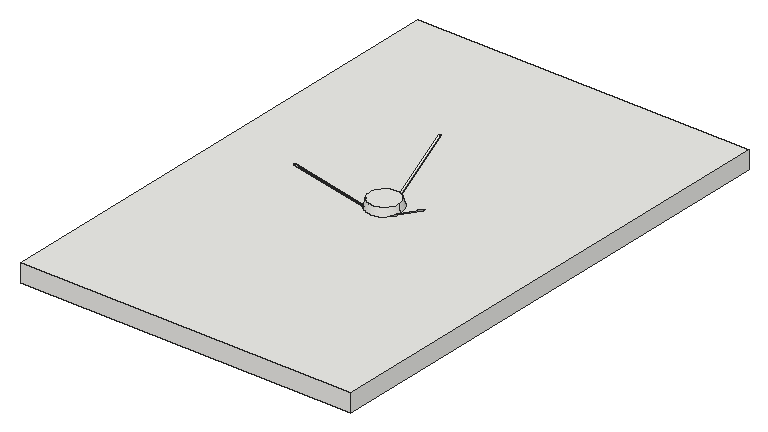
Revit family "STORA-LK-D0950-8xx-OSx", category Leuchten, Revit 2017
Family settings
  Basisbauteil = Fläche
  Bemaßung runder Anschluss = Durchmesser verwenden
  Teiletyp = Normal
  OmniClass-Nummer = 23.80.70.11
  OmniClass-Titel = Luminaries for Internal Lighting
  Beim Laden mit Abzugskörper schneiden = Nein
  Lichtquelle = Ja
  Gemeinsam genutzt = Nein
  Raumberechnungspunkt = Nein
Parameters (values of type "STORA-LK D0950/840 OS-DA")
  width = 950 mm  # constant formula
  weight = "14kg"
  voltage type (AC, DC, UC) = "AC"
  suspension hight [instance] = 200 mm
  rated input power = 57
  product name = "STORA-LK D0950/840 OS-DA"
  nominal voltage = "230"
  nominal frequency = "50-60Hz"
  length = 950 mm  # constant formula
  ingress protection (IP) code = "IP20"
  height = 100 mm  # constant formula
  electrical safety class = "1"
  control gear = ""
  conformity mark = "CE"  # constant formula
  brand = "Spectral"
  approval mark = ""
  built-in parameter 1150104 = 13.8 (stored number, unit not read)
  Wattage = 33.9971 W
  Von Kreisdurchmesser aussenden = 940 mm  # constant formula
  Default Elevation = 0 mm
  built-in parameter 1150113 = 1 (stored number, unit not read)
  built-in parameter 1114218 = 1 (stored number, unit not read)
  URL = "www.spectral-lighting.com"
  built-in parameter 1150134 = 12
  built-in parameter 1150109 = 1 (stored number, unit not read)
  built-in parameter 1150110 = 1 (stored number, unit not read)
  Apparent Load = 57 VA
  Tilt Angle = 90.00°
  Modell = "SPC0630049"
  built-in parameter 1114217 = 1 (stored number, unit not read)
  built-in parameter 1150139 = (empty or 0)
  built-in parameter 1150105 = 401.87 (stored number, unit not read)
  built-in parameter 1150114 = 1 (stored number, unit not read)
  Lumens = 5050 lm
  built-in parameter 1150115 = 1 (stored number, unit not read)
  built-in parameter 1150112 = 1 (stored number, unit not read)
  Lampe = "LED"
  Hersteller = "RIDI Leuchten GmbH"  # constant formula
  Dimming Lamp Color Temperature Shift = (empty or 0)
  Color Filter = 16777215
  built-in parameter 1150133 = 10 (stored number, unit not read)
  Emit Shape Visible in Rendering = no
  built-in parameter 1150137 = (empty or 0)
  built-in parameter 1150132 = 2
  Datei für fotometrisches Netz = "STORA-LK-LED D950840 OS.IES"
  Copyright = "© RIDI. All rights reserved."  # constant formula
  built-in parameter 1150106 = 4.0187 (stored number, unit not read)
  Baugruppenkennzeichen = "D5020200"
  built-in parameter 1150107 = 4000 (stored number, unit not read)
  built-in parameter 1150102 = (empty or 0)
  built-in parameter 1150138 = (empty or 0)
Types (5, lengths in mm): name | suspension hight | product name | Wattage | built-in parameter 1150134 | Modell | built-in parameter 1150105 | Lumens | built-in parameter 1150106 | built-in parameter 1150107
  (no name) | 200 | "STORA-LK D0950/840 OS-DA" | 33.9971 W | 12 | "SPC0630049" | 401.87 (stored number, unit not read) | 5050 lm | 4.0187 (stored number, unit not read) | 4000 (stored number, unit not read)
  STORA-LK D0950/830 OS | 1000 | "STORA-LK D0950/830 OS" | 32.6507 W | (empty or 0) | "SPC0620048" | 385.95 (stored number, unit not read) | 4850 lm | 3.8595 (stored number, unit not read) | 3000 (stored number, unit not read)
  STORA-LK D0950/830 OS-DA | 200 | "STORA-LK D0950/830 OS-DA" | 32.6507 W | (empty or 0) | "SPC0630048" | 385.95 (stored number, unit not read) | 4850 lm | 3.8595 (stored number, unit not read) | 3000 (stored number, unit not read)
  STORA-LK D0950/840 OS | 200 | "STORA-LK D0950/840 OS" | 33.9971 W | 12 | "SPC0620049" | 401.87 (stored number, unit not read) | 5050 lm | 4.0187 (stored number, unit not read) | 4000 (stored number, unit not read)
  STORA-LK D0950/840 OS-DA | 200 | "STORA-LK D0950/840 OS-DA" | 33.9971 W | 12 | "SPC0630049" | 401.87 (stored number, unit not read) | 5050 lm | 4.0187 (stored number, unit not read) | 4000 (stored number, unit not read)
Reference planes
  plane 1 "Mitte (Vorne/hinten)": y = 0
  plane 2: z = 0
  plane 3 "Mitte (Links/rechts)": x = 0
  plane 4: z = 200
Forms (mm)
  Extrusion 1, solid
    sketch origin (219.2, 280.8, 0) x (1, 0, 0) y (0, 1, 0)
      loop
        line (-1219.2, 1219.2) -> (-1219.2, -1780.8) -> (780.8, -1780.8) -> (780.8, 1219.2) -> (-1219.2, 1219.2)
    from 0 to -107.307
  Blend 2, solid
    base sketch origin (0, 0, 0) x (1, 0, 0) y (0, 1, 0)
      loop
        circle (0, 0) r 100
    top sketch origin (0, 0, 0) x (1, 0, 0) y (0, 1, 0)
      loop
        circle (0, 0) r 90
    from 0 to 44.246
  Blend 3, solid
    base sketch origin (0, 0, 0) x (1, 0, 0) y (0, 1, 0)
      loop
        circle (0, 100) r 5
    top sketch origin (0, 0, 0) x (1, 0, 0) y (0, 1, 0)
      loop
        circle (0.197, 419.942) r 5.264
    from 0 to 200
  Blend 4, solid
    base sketch origin (0, 0, 0) x (1, 0, 0) y (0, 1, 0)
      loop
        circle (-75.228, -59.174) r 3.878
    top sketch origin (0, 0, 0) x (1, 0, 0) y (0, 1, 0)
      loop
        circle (-357.838, -226.328) r 5.409
    from 0 to 200
  Blend 5, solid
    base sketch origin (0, 0, 0) x (1, 0, 0) y (0, 1, 0)
      loop
        circle (80.376, -50.807) r 5
    top sketch origin (0, 0, 0) x (1, 0, 0) y (0, 1, 0)
      loop
        circle (386.671, -188.686) r 4.767
    from 0 to 200
  Extrusion 6, solid
    sketch origin (0, 0, 0) x (1, 0, 0) y (0, 1, 0)
      loop
        circle (0, 0) r 10
    from 0 to 5
Dimensions and locks
  "suspension hight": plane 4 to Extrusion 1
  aligned and locked: plane 2 to Extrusion 1
  aligned and locked: level to Extrusion 1
  aligned and locked: import instance to plane 4
  aligned and locked: import instance to imposter light
  aligned and locked: Blend 3 to level
  aligned and locked: Blend 4 to level
  aligned and locked: Blend 5 to level
  aligned and locked: plane 4 to Blend 3
  aligned and locked: plane 4 to Blend 4
  aligned and locked: plane 4 to Blend 5
Automatic sketch dimensions
  Extrusion 1 sketch curve to Extrusion 1 sketch curve = 2000 mm
  Extrusion 1 sketch curve to Extrusion 1 sketch curve = 3000 mm
  plane 1 "Mitte (Vorne/hinten)" to Blend 2 sketch curve = 0 mm  (x2)
  Blend 2 sketch curve to plane 3 "Mitte (Links/rechts)" = 0 mm  (x2)
  Blend 3 sketch curve to plane 3 "Mitte (Links/rechts)" = 0 mm
  Blend 3 sketch curve to plane 1 "Mitte (Vorne/hinten)" = 100 mm
  Blend 4 sketch curve to plane 3 "Mitte (Links/rechts)" = 75.228 mm
  plane 1 "Mitte (Vorne/hinten)" to Blend 4 sketch curve = 59.174 mm
  plane 3 "Mitte (Links/rechts)" to Blend 5 sketch curve = 80.376 mm
  plane 1 "Mitte (Vorne/hinten)" to Blend 5 sketch curve = 50.807 mm
  plane 1 "Mitte (Vorne/hinten)" to Extrusion 6 sketch curve = 0 mm
  Extrusion 6 sketch curve to plane 3 "Mitte (Links/rechts)" = 0 mm
  plane 3 "Mitte (Links/rechts)" to Blend 3 sketch curve = 0.197 mm
  Blend 3 sketch curve to plane 1 "Mitte (Vorne/hinten)" = 419.942 mm
  plane 1 "Mitte (Vorne/hinten)" to Blend 5 sketch curve = 188.686 mm
  plane 3 "Mitte (Links/rechts)" to Blend 5 sketch curve = 386.671 mm
  Blend 4 sketch curve to plane 3 "Mitte (Links/rechts)" = 357.838 mm
  plane 1 "Mitte (Vorne/hinten)" to Blend 4 sketch curve = 226.328 mm
  radius of Blend 2 sketch curve = 100 mm
  radius of Blend 2 sketch curve = 90 mm
  radius of Blend 3 sketch curve = 5 mm
  radius of Blend 4 sketch curve = 3.878 mm
  radius of Blend 5 sketch curve = 5 mm
  radius of Extrusion 6 sketch curve = 10 mm
  radius of Blend 3 sketch curve = 5.264 mm
  radius of Blend 5 sketch curve = 4.767 mm
  radius of Blend 4 sketch curve = 5.409 mm
Connectors
  electrical at (0, 0, 0), driven by "Apparent Load"
    settings: on Extrusion 6, index 1, voltage 230 V, apparent load 0 VA, apparent load phase1 57 VA, apparent load phase2 0 VA, apparent load phase3 0 VA, power factor 1, load classification "Lighting", number of poles 1, system type 31, power factor state 1, is connector primary yes, connector utility no, sub classification motor no, connector description ""
